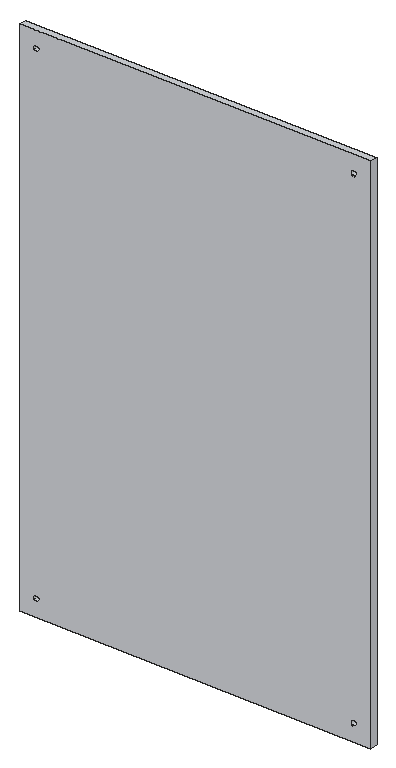
Revit family "AX6865P_0015", category Appareils sanitaires, Revit 2016
Family settings
  Hôte = Mur
  Type d'élément = Normal
  Cote de connecteur circulaire = Utiliser le diamètre
  Numéro OmniClass = 23.75.00.00
  Titre OmniClass = Climate Control (HVAC)
  Toujours verticalement = Oui
  Couper avec des vides une fois chargée = Non
  Partagée = Non
  Point de calcul de pièce = Non
Parameters (values of type "Type 1")
  URL = "https://www.axeuro.com/fr/miroirs-incassables-tout-en-inox/15089-miroir-en-inox-304-18-10-incassable-ax6865p.html?search_query=AX6865p&results=5"
  Type de produit / Type of product = "Miroir incassable / Unbreakeble stainless steel mirror"  # constant formula
  Référence / Reference = "AX6865P"  # constant formula
  Model = ""
  Manufacturer = ""
  Entreprise / Company = "Axeuro"  # constant formula
  Description = ""
Reference planes
  plane 1 "Mur": y = 0
  plane 2 "Centre (gauche/droite)": x = 0
  plane 3 "Arrière": y = 75
Forms (mm)
  Extrusion 1, solid
    sketch origin (1720.616, 75, 1806.609) x (0, 0, 1) y (-1, 0, 0)
      loop
        line (214.008, 1920.616) -> (-385.992, 1920.616) -> (-385.992, 1520.616) -> (214.008, 1520.616) -> (214.008, 1920.616)
    from -8 to 0
  Extrusion 2, void
    sketch origin (1961.54, 75, 2001.616) x (0, 0, 1) y (-1, 0, 0)
      loop
        circle (0, 1780.54) r 3
    from -8 to 0
  Extrusion 3, void
    sketch origin (3, 75, 0) x (1, 0, 0) y (0, 0, 1)
      loop
        circle (178, 2001.616) r 5
    from -8 to -7.08
  Extrusion 4, void
    sketch origin (-1961.54, 75, 2001.616) x (0, 0, 1) y (-1, 0, 0)
      loop
        circle (0, -1780.54) r 3
    from -8 to 0
  Extrusion 5, void
    sketch origin (-3, 75, 0) x (-1, 0, 0) y (0, 0, -1)
      loop
        circle (178, -2001.616) r 5
    from -8 to -7.08
  Extrusion 6, void
    sketch origin (1961.54, 75, 1439.616) x (0, 0, -1) y (1, 0, 0)
      loop
        circle (0, -1780.54) r 3
    from -8 to 0
  Extrusion 7, void
    sketch origin (3, 75, 3441.233) x (1, 0, 0) y (0, 0, 1)
      loop
        circle (178, -2001.616) r 5
    from -8 to -7.08
  Extrusion 8, void
    sketch origin (-1961.54, 75, 1439.616) x (0, 0, -1) y (1, 0, 0)
      loop
        circle (0, 1780.54) r 3
    from -8 to 0
  Extrusion 9, void
    sketch origin (-3, 75, 3441.233) x (-1, 0, 0) y (0, 0, -1)
      loop
        circle (178, 2001.616) r 5
    from -8 to -7.08
Cuts and joins
  Extrusion 2, Extrusion 3, Extrusion 4, Extrusion 5, Extrusion 6, Extrusion 7, Extrusion 8, Extrusion 9 cuts Extrusion 1
Text (mm)
  text "Côté de la mise en place" at (-1820.995, 1116.779, 0), in view "Niveau de réf."
  text "Côté de la mise en place" at (0, 1334.055, 2976.191), in view "Gauche"
  text "Côté de la mise en place" at (0, 439.194, 2944.362), in view "Droite"
Dimensions and locks
  locked: plane 3 "Arrière" to host wall
  aligned and locked: plane 1 "Mur" to host wall
